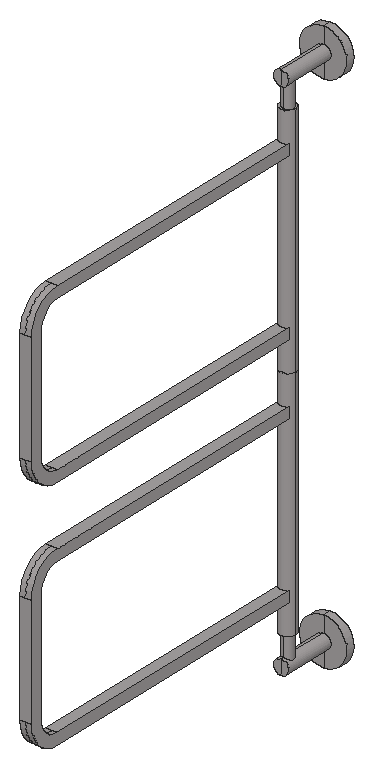
Revit family "Reece_Accessory_Milli_Marle Edit_Towel Rail_Swivel Small_650 mm", category Plumbing Fixtures, Revit 2018
Family settings
  Round Connector Dimension = Use Diameter
  Part Type = Normal
  Work Plane-Based = Yes
  Always vertical = Yes
  Cut with Voids When Loaded = Yes
  Shared = Yes
  Room Calculation Point = Yes
Parameters (values of type "Brushed Gunmetal")
  URL = "https://www.reece.com.au/product/-9510636"
  Type Comments = "Accessory"
  Reece_Rotation_Top [instance] = 90.00°
  Reece_Rotation_Bottom [instance] = 90.00°
  Reece_Product_Web Page = "https://www.reece.com.au/product/-9510636"
  Reece_Product_Type = "Accessory"  # constant formula
  Reece_Product_Sub Brand = "Marle Edit"  # constant formula
  Reece_Product_Number = "9510636"
  Reece_Product_Mount = "Wall Mounted"
  Reece_Product_Description = "Milli Marle Edit Multi Towel Rail Swivel Small Brushed Gunmetal"
  Reece_Product_Brand = "Milli"  # constant formula
  Reece_Overall_Width = 414 mm  # constant formula
  Reece_Overall_Projection = 469 mm  # constant formula
  Reece_Overall_Height = 650 mm  # constant formula
  Reece_Material_Main = Reece_Brass_Brushed Gunmetal
  Reece_Height_From_Level = 1600 mm
  Reece_Detail_Shape = ""
  Reece_Detail_Installation = ""
  Reece_Detail_Disclaimer = "THIS FILE IS THE PROPERTY OF THE REECE GROUP. IT MAY NOT BE REPRODUCED, REVERSE-ENGINEERED OR MODIFIED. ANY REPUBLICATION, TRANSMISSION OR DISTRIBUTION FOR THE PURPOSE OF COMMERCIALLY EXPLOITING THE FILES IS PROHIBITED."  # constant formula
  Reece_Detail_Connector = ""
  Reece_Detail_Additional = "Swivel Small"  # constant formula
  Model = "Marle Edit"
  Manufacturer = "Milli"
  Keynote = "Product #9510636, Reece_Accessory_Milli_Marle Edit_Towel Rail_Swivel Small_650 mm - Brushed Gunmetal"
  Disclaimer = "THIS FILE IS THE PROPERTY OF THE REECE GROUP. IT MAY NOT BE REPRODUCED, REVERSE-ENGINEERED OR MODIFIED. ANY REPUBLICATION, TRANSMISSION OR DISTRIBUTION FOR THE PURPOSE OF COMMERCIALLY EXPLOITING THE FILES IS PROHIBITED."  # constant formula
  Description = "Milli Marle Edit Multi Towel Rail Swivel Small Brushed Gunmetal"
  Default Elevation = 0 mm
Types (6, lengths in mm): name | URL | Reece_Product_Web Page | Reece_Product_Number | Reece_Product_Description | Reece_Material_Main | Keynote | Description
  (no name) | "https://www.reece.com.au/product/-9510627" | "https://www.reece.com.au/product/-9510627" | "9510627" | "Milli Marle Edit Multi Towel Rail Swivel Small Brushed Gold" | Reece_Brass_Brushed Gold | "Product #9510627, Reece_Accessory_Milli_Marle Edit_Towel Rail_Swivel Small_650 mm -  " | "Milli Marle Edit Multi Towel Rail Swivel Small Brushed Gold"
  Chrome | "https://www.reece.com.au/product/-9510339" | "https://www.reece.com.au/product/-9510339" | "9510339" | "Milli Marle Edit Multi Towel Rail Swivel Small Chrome" | Reece_Brass_Chrome | "Product #9510339, Reece_Accessory_Milli_Marle Edit_Towel Rail_Swivel Small_650 mm - Chrome" | "Milli Marle Edit Multi Towel Rail Swivel Small Chrome"
  Brushed Gold | "https://www.reece.com.au/product/-9510627" | "https://www.reece.com.au/product/-9510627" | "9510627" | "Milli Marle Edit Multi Towel Rail Swivel Small Brushed Gold" | Reece_Brass_Brushed Gold | "Product #9510627, Reece_Accessory_Milli_Marle Edit_Towel Rail_Swivel Small_650 mm - Brushed Gold" | "Milli Marle Edit Multi Towel Rail Swivel Small Brushed Gold"
  Brushed Gunmetal | "https://www.reece.com.au/product/-9510636" | "https://www.reece.com.au/product/-9510636" | "9510636" | "Milli Marle Edit Multi Towel Rail Swivel Small Brushed Gunmetal" | Reece_Brass_Brushed Gunmetal | "Product #9510636, Reece_Accessory_Milli_Marle Edit_Towel Rail_Swivel Small_650 mm - Brushed Gunmetal" | "Milli Marle Edit Multi Towel Rail Swivel Small Brushed Gunmetal"
  Matte Black | "https://www.reece.com.au/product/-9510645" | "https://www.reece.com.au/product/-9510645" | "9510645" | "Milli Marle Edit Multi Towel Rail Swivel Small Matte Black" | Reece_Brass_Matte Black | "Product #9510645, Reece_Accessory_Milli_Marle Edit_Towel Rail_Swivel Small_650 mm - Matte Black" | "Milli Marle Edit Multi Towel Rail Swivel Small Matte Black"
  Brushed Nickel | "https://www.reece.com.au/product/-9510626" | "https://www.reece.com.au/product/-9510626" | "9510626" | "Milli Marle Edit Multi Towel Rail Swivel Small Brushed Nickel" | Reece_Brass_Brushed Nickel | "Product #9510626, Reece_Accessory_Milli_Marle Edit_Towel Rail_Swivel Small_650 mm - Brushed Nickel" | "Milli Marle Edit Multi Towel Rail Swivel Small Brushed Nickel"
Reference planes
  plane 1 "Center (Front/Back)": y = 0
  plane 2 "Bottom Host Plane": z = -5
  plane 3 "Center (Left/Right)": x = 0
  plane 4: z = 1600
  plane 5: y = -10.118
  plane 6: z = 950
  plane 7 "bt": z = 1275
  plane 8 "bb": z = 979.063
  plane 9 "t": z = 1565
  plane 10: y = -469
  plane 11: y = -64.819
Forms (mm)
  Revolve 1, solid, material "Reece_Brass_Brushed Gunmetal" <- "Reece_Material_Main"
    sketch origin (0, -64.882, 0) x (0, 1, 0) y (0, 0, 1)
      loop
        line (64.882, 1629.002) -> (54.724, 1629.002) -> (54.724, 1609.099) -> (-10.118, 1609.099) -> (-10.118, 1600) -> (64.882, 1600) -> (64.882, 1629.002)
      axis (64.882, 1600) -> (-10.118, 1600)
    angle from 0 to 360
  Revolve 2, solid, material "Reece_Brass_Brushed Gunmetal" <- "Reece_Material_Main"
    sketch origin (0, -64.882, 1912.42) x (0, 1, 0) y (0, 0, 1)
      loop
        line (64.882, -991.422) -> (64.882, -962.42) -> (-10.118, -962.42) -> (-10.118, -971.518) -> (54.724, -971.518) -> (54.724, -991.422) -> (64.882, -991.422)
      axis (64.882, -962.42) -> (-10.118, -962.42)
    angle from 0 to 360
  Revolve 3, solid, material "Reece_Brass_Brushed Gunmetal" <- "Reece_Material_Main"
    sketch origin (0, -64.882, 0) x (0, 1, 0) y (0, 0, 1)
      loop
        line (0, 1600) -> (-6.65, 1600) -> (-6.65, 950) -> (0, 950) -> (0, 1600)
      axis (0, 1600) -> (0, 950)
    angle from 0 to 360
Cuts and joins
  joined: Revolve 1, Revolve 2, Revolve 3
Lines and regions (mm)
  model lines, style "InvisibleLines"
    curve 1: line (0, 0, -5) -> (0, 0, 1600)
Text (mm)
  text "Reece ©" at (2365.49, -1933.127, 3718.196), in view "Reece Preview"
  text "Reece Copyright © 2018, Reece Ltd." at (24.809, -511.168, 0), in view "Ref. Level"
Dimensions and locks
  locked: level to plane 2 "Bottom Host Plane" at 5
  Revolve 2 sketch curve to Revolve 2 sketch curve to plane 6 to Revolve 2 sketch curve to Revolve 2 sketch curve = 19.904 mm locked, 9.099 mm locked, 0 mm locked, 0 mm locked
  Revolve 1 sketch curve to Revolve 1 sketch curve to plane 4 to Revolve 1 sketch curve to Revolve 1 sketch curve = 19.904 mm locked, 9.099 mm locked, 0 mm locked, 0 mm locked
  "Reece_Height_From_Level": plane 4 to level
  "Reece_Overall_Height": plane 4 to plane 6
  plane 4 to plane 6 = 650 mm
  plane 4 to level = 1600 mm
  level to plane 4 = 1600 mm
  plane 6 to plane 4 = 650 mm
  "Reece_Overall_Projection": plane 10 to plane 1 "Center (Front/Back)"
  cut or joined group of Revolve 1, Revolve 2, Revolve 3 to plane 1 "Center (Front/Back)" = 75 mm
  equal spacing: plane 4, plane 7 "bt", plane 6
  plane 4 to plane 9 "t" to plane 7 "bt" to plane 8 "bb" to plane 6 = 35 mm, 290 mm, 295.937 mm, 29.063 mm
  aligned and locked: Revolve 3 to plane 4
  aligned and locked: plane 6 to Revolve 3
  aligned and locked: plane 4 to curve 1
  aligned and locked: plane 2 "Bottom Host Plane" to curve 1
  aligned and locked: plane 3 "Center (Left/Right)" to curve 1
  aligned and locked: plane 11 to nested 1
  aligned and locked: plane 3 "Center (Left/Right)" to nested 1
  aligned and locked: plane 11 to nested 2
  aligned and locked: plane 7 "bt" to nested 1
Automatic sketch dimensions
  Revolve 1 sketch curve to plane 5 = 64.882 mm
  Revolve 1 sketch curve to Revolve 1 sketch curve = 92.853 mm
  Revolve 2 sketch curve to plane 5 = 64.882 mm
  Revolve 2 sketch curve to Revolve 2 sketch curve = 92.853 mm
  plane 6 to Revolve 3 sketch curve = 0 mm
  Revolve 3 sketch curve to plane 4 = 0 mm
  plane 1 "Center (Front/Back)" to Revolve 3 sketch curve = 64.882 mm
  Revolve 3 sketch curve to plane 5 = 61.414 mm
  Revolve 3 sketch curve to Revolve 3 sketch curve = 2.755 mm
  plane 9 "t" to Revolve 3 sketch curve = 56.035 mm
  Revolve 2 sketch curve to Revolve 2 sketch curve = 57.147 mm
  plane 1 "Center (Front/Back)" to Revolve 1 sketch curve = 10.158 mm
  Revolve 1 sketch curve to Revolve 1 sketch curve = 10.158 mm
  Revolve 1 sketch curve to Revolve 1 sketch curve = 57.147 mm
  plane 1 "Center (Front/Back)" to Revolve 2 sketch curve = 10.158 mm
  Revolve 2 sketch curve to Revolve 2 sketch curve = 10.158 mm
  Revolve 3 sketch curve to plane 5 = 54.764 mm
Nested families
  nested 1: "Reece_Accessory_Milli_Axon_Towel Rail_Swivel Large_1235 mm_Nested" at (0, -64.819, 1275), Reece_Material_Main <- "Reece_Material_Main", Reece_Rotation <- "Reece_Rotation_Bottom", type "Reece_Accessory_Milli_Axon_Towel Rail_Swivel Large_1235 mm_Nested"
    with Reece_Rotation 90.00°, Reece_Material_Main Reece_Brass_Brushed Gunmetal
  nested 2: "Reece_Accessory_Milli_Axon_Towel Rail_Swivel Large_1235 mm_Nested" at (0, -64.819, 1565), Reece_Material_Main <- "Reece_Material_Main", Reece_Rotation <- "Reece_Rotation_Top", type "Reece_Accessory_Milli_Axon_Towel Rail_Swivel Large_1235 mm_Nested"
    with Reece_Rotation 90.00°, Reece_Material_Main Reece_Brass_Brushed Gunmetal
Definition of nested family "Reece_Accessory_Milli_Axon_Towel Rail_Swivel Large_1235 mm_Nested"
  Parameters (values of type "Reece_Accessory_Milli_Axon_Towel Rail_Swivel Large_1235 mm_Nested")
    Reece_Rotation [instance] = 90.00°
    Reece_Product_Web Page = ""
    Reece_Product_Type = ""
    Reece_Product_Sub Brand = ""
    Reece_Product_Number = ""
    Reece_Product_Mount = ""
    Reece_Product_Description = ""
    Reece_Product_Brand = ""
    Reece_Overall_Width = 0 mm
    Reece_Overall_Projection = 0 mm
    Reece_Overall_Height = 0 mm
    Reece_Material_Main [instance] = none
    Reece_Detail_Shape = ""
    Reece_Detail_Installation = ""
    Reece_Detail_Connector = "Electrical input required. Refer to the product web page for further details."  # constant formula
    Reece_Detail_Additional = ""
    Default Elevation = 0 mm
  Reference planes
    plane 1 "Center (Front/Back)": y = 0
    plane 2 "Bottom Host Plane": z = -5
    plane 3 "Center (Left/Right)": x = 0
    plane 4: z = 0
    plane 5: z = -145
  Forms (mm)
    Revolve 1, solid, material <- "Reece_Material_Main"
      sketch origin (0, 0, -955.075) x (1, 0, 0) y (0, 0, 1)
        loop
          line (9.673, 955.075) -> (0, 955.075) -> (0, 665.075) -> (9.673, 665.075) -> (9.673, 955.075)
        axis (0, 665.075) -> (0, 955.075)
      angle from 0 to 360
    Sweep 2, solid, material <- "Reece_Material_Main"
      path origin (0, 0, 0) x (0, -1, 0) y (0, 0, 1)
        loop
          line (0, -246.445) -> (363.435, -246.445)
          arc (363.435, -246.445) -> (386.77, -236.779) -> (396.435, -213.445) r 33
          line (396.435, -213.445) -> (396.435, -76.555)
          arc (396.435, -76.555) -> (386.77, -53.221) -> (363.435, -43.555) r 33
          line (363.435, -43.555) -> (0, -43.555)
      profile origin (0, -181.718, -246.445) x (0, 0, 1) y (-1, 0, 0)
        loop
          line (7, -1.292) -> (7, 7.004) -> (-7, 7.004) -> (-7, 0.621) -> (-7, -7.004) -> (7, -7.004) -> (7, -1.292)
  Cuts and joins
    joined: Revolve 1, Sweep 2
  Lines and regions (mm)
    reference lines
      curve 1: line (0, 0, 0) -> (0, -397.435, 0)
  Text (mm)
    text "Reece ©" at (4010.036, -1850.322, 2156.454), in view "Reece Preview"
  Dimensions and locks
    locked: level to plane 2 "Bottom Host Plane" at 5
    Revolve 1 sketch curve to Revolve 1 sketch curve = 290 mm
    "Reece_Rotation": angle plane 1 "Center (Front/Back)" to curve 1
    aligned and locked: plane 1 "Center (Front/Back)" to curve 1
    aligned and locked: curve 1 to plane 3 "Center (Left/Right)"
  Automatic sketch dimensions
    Revolve 1 sketch curve to plane 3 "Center (Left/Right)" = 0 mm  (x2)
    Revolve 1 sketch curve to level = 0 mm
    plane 3 "Center (Left/Right)" to Revolve 1 sketch curve = 9.673 mm
    Revolve 1 sketch curve to Revolve 1 sketch curve = 27.192 mm
    Revolve 1 sketch curve to Revolve 1 sketch curve = 127.808 mm
    Sweep 2 sketch curve to curve 1 = 0 mm  (x2)
    Sweep 2 sketch curve to curve 1 = 246.445 mm
    Sweep 2 sketch curve to curve 1 = 43.555 mm
    Sweep 2 sketch curve to curve 1 = 34 mm  (x2)
    Sweep 2 sketch curve to curve 1 = 1 mm
    profile plane to Sweep 2 sketch curve = 0.621 mm
    Sweep 2 sketch curve to profile plane = 1.292 mm
    Sweep 2 sketch curve to Sweep 2 sketch curve = 5.712 mm
    Sweep 2 sketch curve to Sweep 2 sketch curve = 6.383 mm
    profile plane to Sweep 2 sketch curve = 7 mm
    Sweep 2 sketch curve to profile plane = 7 mm
